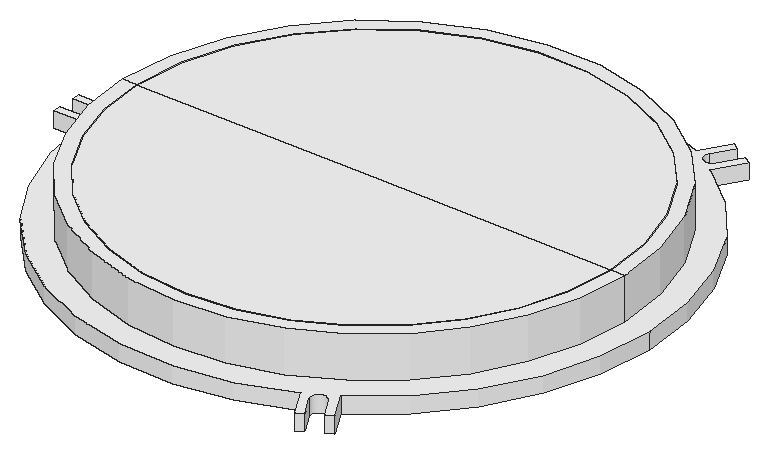
Revit family "Plumbing Fixture-FloorDrain_Mifab_C1300-R-1", category Plumbing Fixtures, host Face, Revit 2013
Parameters
  WFU = 0
  URL = "WWW.MIFAB.COM"
  Stainer Radius = Stainer Diameter / 2  # 3.500"
  Stainer Diameter = 7.000"
  Model = "C1300-R-1"
  Manufacturer = "MIFAB"
  Floor Drain Material = Paint - Sherwin Williams Paint - #952C2A - Bellwood Red
  Description = "SCORIATED FLOOR ACESS COVERS"
  Default Elevation = 0.000"
  Body Height = 0.725"
Reference planes (in)
  plane 1 "Center (Front/Back)": y = 0
  plane 2: z = 0
  plane 3 "Center (Left/Right)": x = 0
  plane 4: x = 3.5
  plane 5: x = -3.5
  plane 6: z = -0.725
Forms (in)
  Revolve 1, solid, material "Paint - Sherwin Williams Paint - #952C2A - Bellwood Red" <- "Floor Drain Material"
    sketch origin (0, 0, 0) x (1, 0, 0) y (0, 0, 1)
      loop
        line (3.5, -0.725) -> (3.5, -0.525) -> (3.176, -0.525) -> (3.176, 0) -> (3, 0) -> (3, -0.2) -> (2.2, -0.2) -> (2.2, -0.325) -> (3, -0.325) -> (3, -0.725) -> (3.5, -0.725)
      axis (0, -0.725) -> (0, 0)
    angle from 0 to 360
  Revolve 2, solid, material "Paint - Sherwin Williams Paint - #952C2A - Bellwood Red" <- "Floor Drain Material"
    sketch origin (0, 0, 0) x (1, 0, 0) y (0, 0, 1)
      loop
        line (0, 0) -> (0, -0.16002) -> (3, -0.16002) -> (3, 0) -> (0, 0)
      axis (0, -0.16002) -> (0, 0)
    angle from 0 to 360
  Extrusion 3, solid, material "Paint - Sherwin Williams Paint - #952C2A - Bellwood Red" <- "Floor Drain Material"
    sketch origin (0, 0, 0) x (1, 0, 0) y (0, 1, 0)
      loop
        line (-3.9, 0.2) -> (-3.9, 0.1) -> (-3.6, 0.1)
        arc (-3.6, 0.1) -> (-3.5, 0) -> (-3.6, -0.1) r 0.1
        line (-3.6, -0.1) -> (-3.9, -0.1) -> (-3.9, -0.2) -> (-3.4, -0.2) -> (-3.4, 0.2) -> (-3.9, 0.2)
    from -0.525 to -0.725
  Extrusion 4, solid, material "Paint - Sherwin Williams Paint - #952C2A - Bellwood Red" <- "Floor Drain Material"
    sketch origin (0, 0, 0) x (-0.5, 0.866025, 0) y (-0.866025, -0.5, 0)
      loop
        line (-3.9, 0.2) -> (-3.9, 0.1) -> (-3.6, 0.1)
        arc (-3.6, 0.1) -> (-3.5, 0) -> (-3.6, -0.1) r 0.1
        line (-3.6, -0.1) -> (-3.9, -0.1) -> (-3.9, -0.2) -> (-3.4, -0.2) -> (-3.4, 0.2) -> (-3.9, 0.2)
    from -0.525 to -0.725
  Extrusion 5, solid, material "Paint - Sherwin Williams Paint - #952C2A - Bellwood Red" <- "Floor Drain Material"
    sketch origin (0, 0, 0) x (-0.5, -0.866025, 0) y (0.866025, -0.5, 0)
      loop
        line (-3.9, 0.2) -> (-3.9, 0.1) -> (-3.6, 0.1)
        arc (-3.6, 0.1) -> (-3.5, 0) -> (-3.6, -0.1) r 0.1
        line (-3.6, -0.1) -> (-3.9, -0.1) -> (-3.9, -0.2) -> (-3.4, -0.2) -> (-3.4, 0.2) -> (-3.9, 0.2)
    from -0.525 to -0.725
Cuts and joins
  joined: Revolve 1, Extrusion 3, Extrusion 4, Extrusion 5
Lines and regions (in)
  symbolic lines, style "0"
    curve 1: circle (0, 0, 0) r 3.5 normal (0, 0, 1)
Dimensions and locks (in)
  equal spacing: plane 4, plane 3 "Center (Left/Right)", plane 5
  "Stainer Diameter": plane 4 to plane 5
  "Body Height": host face to plane 6
  locked: Revolve 2 sketch curve to Revolve 1 at 0.03998
  locked: Extrusion 3 sketch curve to Extrusion 3 sketch curve at 0.4
  Extrusion 3 sketch curve to Extrusion 3 sketch curve = 0.500"
  Extrusion 3 sketch curve to plane 5 = 0.100"
  locked: Extrusion 4 sketch curve to Extrusion 4 sketch curve at 0.4
  Extrusion 4 sketch curve to Extrusion 4 sketch curve = 0.500"
  locked: Extrusion 5 sketch curve to Extrusion 5 sketch curve at 0.4
  Extrusion 5 sketch curve to Extrusion 5 sketch curve = 0.500"
  diameter of Extrusion 3 sketch curve = 0.200"
  diameter of Extrusion 4 sketch curve = 0.200"
  diameter of Extrusion 5 sketch curve = 0.200"
  "Stainer Radius": radius of curve 1
  aligned and locked: plane 2 to host face
  aligned and locked: level to host face
  aligned and locked: plane 3 "Center (Left/Right)" to Revolve 1 sketch curve
  aligned and locked: plane 6 to Revolve 1 sketch curve
  aligned and locked: Revolve 2 sketch curve to Revolve 1
  aligned and locked: plane 3 "Center (Left/Right)" to Revolve 2 sketch curve
Automatic sketch dimensions
  host sketch curve to host sketch curve = 96.000"  (x2)
  Revolve 1 sketch curve to level = 0.000"  (x2)
  Revolve 1 sketch curve to plane 4 = 0.000"
  plane 6 to Revolve 1 sketch curve = 0.200"
  Revolve 1 sketch curve to plane 4 = 0.324"
  Revolve 1 sketch curve to Revolve 1 sketch curve = 0.176"  (x2)
  Revolve 1 sketch curve to level = 0.200"
  Revolve 1 sketch curve to Revolve 1 sketch curve = 0.800"
  Revolve 1 sketch curve to Revolve 1 sketch curve = 0.125"
  Revolve 1 sketch curve to plane 6 = 1.850"
  Revolve 2 sketch curve to plane 3 "Center (Left/Right)" = 0.000"
  Revolve 2 sketch curve to plane 4 = 0.500"
  Revolve 2 sketch curve to plane 6 = 0.31046"
  Revolve 2 sketch curve to Revolve 2 sketch curve = 0.46454"
  Extrusion 3 sketch curve to plane 1 "Center (Front/Back)" = 0.200"
  Extrusion 3 sketch curve to plane 5 = 0.400"
  plane 1 "Center (Front/Back)" to Extrusion 3 sketch curve = 0.100"
  Extrusion 3 sketch curve to Extrusion 3 sketch curve = 0.000"
  Extrusion 4 sketch curve to plane 4 = 1.72321"
  plane 1 "Center (Front/Back)" to Extrusion 4 sketch curve = 3.4775"
  Extrusion 4 sketch curve to plane 4 = 1.4634"
  plane 1 "Center (Front/Back)" to Extrusion 4 sketch curve = 3.3275"
  Extrusion 4 sketch curve to Extrusion 4 sketch curve = 0.200"
  Extrusion 5 sketch curve to plane 4 = 1.37679"
  Extrusion 5 sketch curve to plane 1 "Center (Front/Back)" = 3.2775"
  Extrusion 5 sketch curve to plane 4 = 1.6366"
  Extrusion 5 sketch curve to plane 1 "Center (Front/Back)" = 3.4275"
  Extrusion 5 sketch curve to Extrusion 5 sketch curve = 0.200"
  plane 1 "Center (Front/Back)" to curve 1 = 0.000"
  curve 1 to plane 3 "Center (Left/Right)" = 0.000"
